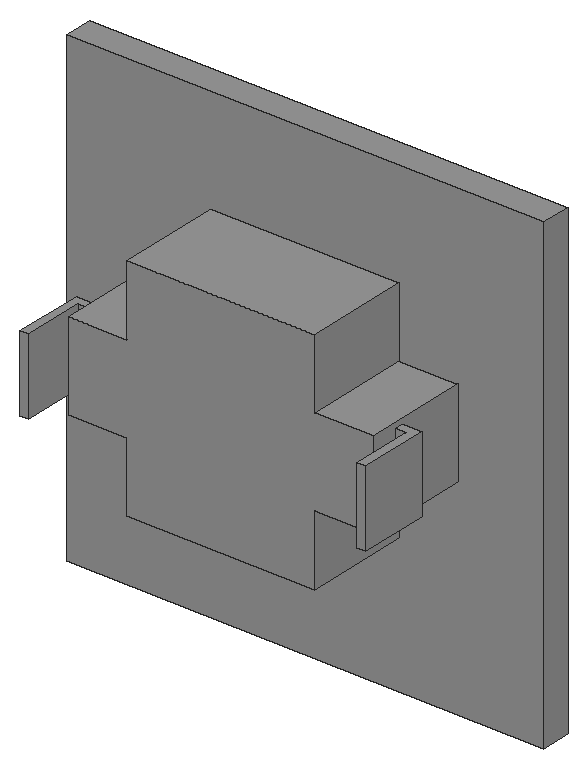
Revit family "IEK_Выключатель_Встраиваемый_С Инд 10А одноклавишный IP20_КВАРТА", category Выключатели, Revit 2019
Family settings
  Сохранять ориентацию аннотаций = Да
  Размер круглого соединителя = Использовать диаметр
  Тип детали = Переключатель
  На основе рабочей плоскости = Нет
  Всегда вертикально = Да
  При загрузке вырезать с полостями = Нет
  Общий = Нет
  Точка расчета площади = Нет
Parameters (values of type "ВС10-1-1-ККм")
  Ширина = 81.5 mm  # constant formula
  Тип монтажа = "Скрытый монтаж (в штукатурку)"  # constant formula
  Степень защиты = "IP20"  # constant formula
  Изготовитель = "IEK"  # constant formula
  Дата изменения = ""
  Глубина = 46 mm  # constant formula
  Высота = 80.5 mm  # constant formula
  ΔХ [instance] = 2000 mm
  ΔY [instance] = 2000 mm
  KSI_CPr_Строительные изделия = "20.4.01"  # constant formula
  KSI_CMa_Строительные материалы = "01.7.14.03"  # constant formula
  IEK_Цена за единицу = 158.71
  IEK_Поиск в таблице имен = ""
  IEK_Описание = "Классический дизайн, проверенный временем и востребованный различными категориями потребителей, позволяет устанавливать изделия серии \"КВАРТА\" в квартирах, загородных домах, офисных и производственных помещениях."
  IEK_URL = "https://www.iek.ru/products/catalog/izdeliya_elektroustanovochnye_udliniteli_i_silovye_razemy/elektroustanovochnye_izdeliya/elektroustanovochnye_izdeliya_skrytogo_montazha/elektroustanovochnye_izdeliya_kvarta/elektroustanovochnye_izdeliya_kvarta_tsvet_kremovyy/vyklyuchatel_1_klavishnyy_s_indikatsiey_vs10_1_1_kkm_10a_kvarta_kremovyy_iek"
  ADSK_Ток [instance] = 10 A  # constant formula
  ADSK_Примечание = ""
  ADSK_Полная мощность [instance] = ADSK_Номинальная мощность / ADSK_Коэффициент мощности  # 2200 VA
  ADSK_Позиция [instance] = ""
  ADSK_Номинальная мощность [instance] = ADSK_Ток * ADSK_Напряжение * sqrt(ADSK_Количество фаз числовое) * ADSK_Коэффициент мощности  # 2200 W
  ADSK_Напряжение = 220 V
  ADSK_Наименование = "Выключатель 1-клавишный с индикацией ВС10-1-1-ККм 10А КВАРТА кремовый IEK"
  ADSK_Материал обозначение = ""
  ADSK_Материал наименование = "Пластик"  # constant formula
  ADSK_Материал = Цвет кремовый
  ADSK_Масса = 0.091  # constant formula
  ADSK_Марка = "КВАРТА"  # constant formula
  ADSK_Коэффициент мощности [instance] = 1  # constant formula
  ADSK_Количество фаз числовое = 1
  ADSK_Количество фаз = 1
  ADSK_Код изделия = "EVK11-K33-10-DM"
  ADSK_Классификация нагрузок [instance] = Прочее
  ADSK_Завод-изготовитель = "IEK"  # constant formula
  ADSK_Единица измерения = "шт"  # constant formula
  ADSK_Группирование = "III ЭЛЕКТРОУСТАНОВОЧНЫЕ И ЭЛЕКТРОМОНТАЖНЫЕ ИЗДЕЛИЯ"  # constant formula
  ADSK_Версия семейства = "1.0"  # constant formula
  ADSK_Версия Revit = "2019"  # constant formula
  ADSK_URL страницы изделия = "https://www.iek.ru/products/catalog/izdeliya_elektroustanovochnye_udliniteli_i_silovye_razemy/elektroustanovochnye_izdeliya/elektroustanovochnye_izdeliya_skrytogo_montazha/elektroustanovochnye_izdeliya_kvarta/?pagec=100"
Types (3, lengths in mm): name | IEK_Цена за единицу | IEK_URL | ADSK_Наименование | ADSK_Материал | ADSK_Код изделия
  (no name) | 158.71 | "https://www.iek.ru/products/catalog/izdeliya_elektroustanovochnye_udliniteli_i_silovye_razemy/elektroustanovochnye_izdeliya/elektroustanovochnye_izdeliya_skrytogo_montazha/elektroustanovochnye_izdeliya_kvarta/elektroustanovochnye_izdeliya_kvarta_tsvet_kremovyy/vyklyuchatel_1_klavishnyy_s_indikatsiey_vs10_1_1_kkm_10a_kvarta_kremovyy_iek" | "Выключатель 1-клавишный с индикацией ВС10-1-1-ККм 10А КВАРТА кремовый IEK" | Цвет кремовый | "EVK11-K33-10-DM"
  ВС10-1-1-КБ | 150.76 | "https://www.iek.ru/products/catalog/izdeliya_elektroustanovochnye_udliniteli_i_silovye_razemy/elektroustanovochnye_izdeliya/elektroustanovochnye_izdeliya_skrytogo_montazha/elektroustanovochnye_izdeliya_kvarta/elektroustanovochnye_izdeliya_kvarta_tsvet_belyy/vyklyuchatel_1_klavishnyy_s_indikatsiey_vs10_1_1_kb_10a_kvarta_belyy_iek" | "Выключатель 1-клавишный с индикацией ВС10-1-1-КБ 10А КВАРТА белый IEK" | Цвет белый | "EVK11-K01-10-DM"
  ВС10-1-1-ККм | 158.71 | "https://www.iek.ru/products/catalog/izdeliya_elektroustanovochnye_udliniteli_i_silovye_razemy/elektroustanovochnye_izdeliya/elektroustanovochnye_izdeliya_skrytogo_montazha/elektroustanovochnye_izdeliya_kvarta/elektroustanovochnye_izdeliya_kvarta_tsvet_kremovyy/vyklyuchatel_1_klavishnyy_s_indikatsiey_vs10_1_1_kkm_10a_kvarta_kremovyy_iek" | "Выключатель 1-клавишный с индикацией ВС10-1-1-ККм 10А КВАРТА кремовый IEK" | Цвет кремовый | "EVK11-K33-10-DM"
Reference planes
  plane 1 "По центру (Вперед/Назад)": y = 0
  plane 2: z = 0
  plane 3 "По центру (Влево/Вправо)": x = 0
  plane 4 "Высота ножек": z = 280
  plane 5 "Высота": z = 2081.496
  plane 6: x = -2000
  plane 7: y = 2000
Forms (mm)
  Extrusion 1, solid, material "Цвет кремовый" <- "ADSK_Материал", detail levels fine
    sketch origin (0, -492.152, 42.527) x (1, 0, 0) y (0, 1, 0)
      loop
        line (26, 480.152) -> (26, 478.652) -> (27.993, 478.652) -> (27.993, 468.152) -> (29.498, 468.152) -> (29.498, 480.152) -> (26, 480.152)
      loop
        line (-26, 480.152) -> (-29.498, 480.152) -> (-29.498, 468.152) -> (-27.993, 468.152) -> (-27.993, 478.652) -> (-26, 478.652) -> (-26, 480.152)
    from -5.817 to 7.183
  Extrusion 2, solid, detail levels coarse
    sketch origin (0, 0, 0) x (1, 0, 0) y (0, 1, 0)
      loop
        line (-40.75, -24) -> (40.75, -24) -> (40.75, 20) -> (-40.75, 20) -> (-40.75, -24)
    from 0 to 80.5
  Extrusion 3, solid, detail levels medium
    sketch origin (0, 0, 0) x (1, 0, 0) y (0, 1, 0)
      loop
        line (-40.75, 20) -> (-40.75, -24) -> (40.75, -24) -> (40.75, 20) -> (-40.75, 20)
    from 0 to 80.5
  Extrusion 4, solid, material "Цвет кремовый" <- "ADSK_Материал", detail levels fine
    sketch origin (0, 0, 40.25) x (1, 0, 0) y (0, 0, -1)
      loop
        line (-40.75, -40.25) -> (40.75, -40.25) -> (40.75, 40.25) -> (-40.75, 40.25) -> (-40.75, -40.25)
    from 0 to 14.038
  Extrusion 5, void
    sketch origin (-0.5, 0, 41.036) x (-1, 0, 0) y (0, -1, 0)
      loop
        spline (40.25, -5) -> (38.349, -6.53) -> (36.302, -7.861) -> (34.142, -9.01) -> (31.901, -9.995) -> (29.61, -10.832) -> (27.303, -11.54) -> (25.011, -12.136) -> (22.767, -12.637) -> (20.603, -13.06) -> (18.551, -13.423) -> (16.643, -13.743) -> (14.912, -14.038)
        line (14.912, -14.038) -> (11.84, -14.038) -> (11.84, -18.875) -> (40.25, -18.875) -> (40.25, -5)
    from -55.184 to 53.611
  Extrusion 6, void
    sketch origin (0.5, 0, 41.036) x (1, 0, 0) y (0, 1, 0)
      loop
        line (40.25, 5) -> (40.25, 18.875) -> (11.84, 18.875) -> (11.84, 14.038) -> (14.912, 14.038)
        spline (14.912, 14.038) -> (16.643, 13.743) -> (18.551, 13.423) -> (20.603, 13.06) -> (22.767, 12.637) -> (25.011, 12.136) -> (27.303, 11.54) -> (29.61, 10.832) -> (31.901, 9.995) -> (34.142, 9.01) -> (36.302, 7.861) -> (38.349, 6.53) -> (40.25, 5)
    from -55.184 to 53.611
  Extrusion 7, void
    sketch origin (0.786, 0, 40.25) x (0, 0, 1) y (0, -1, 0)
      loop
        spline (40.25, -5) -> (38.356, -6.403) -> (36.324, -7.586) -> (34.182, -8.58) -> (31.961, -9.416) -> (29.69, -10.124) -> (27.399, -10.734) -> (25.119, -11.276) -> (22.878, -11.781) -> (20.708, -12.28) -> (18.636, -12.802) -> (16.694, -13.378) -> (14.912, -14.038)
        line (14.912, -14.038) -> (11.84, -14.038) -> (11.84, -18.875) -> (40.25, -18.875) -> (40.25, -5)
      loop
        line (-40.25, -5) -> (-40.25, -18.875) -> (-11.84, -18.875) -> (-11.84, -14.038) -> (-14.912, -14.038)
        spline (-14.912, -14.038) -> (-16.694, -13.378) -> (-18.636, -12.802) -> (-20.708, -12.28) -> (-22.878, -11.781) -> (-25.119, -11.276) -> (-27.399, -10.734) -> (-29.69, -10.124) -> (-31.961, -9.416) -> (-34.182, -8.58) -> (-36.324, -7.586) -> (-38.356, -6.403) -> (-40.25, -5)
    from -55.184 to 53.611
  Extrusion 8, void
    sketch origin (0, 0, 40.25) x (1, 0, 0) y (0, 0, -1)
      loop
        line (-29, -25) -> (29, -25) -> (29, 25) -> (-29, 25) -> (-29, -25)
    from 1 to 14.038
  Extrusion 9, void
    sketch origin (0.786, 0, 40.25) x (0, 0, -1) y (0, 1, 0)
      loop
        line (40.25, 5) -> (40.25, 18.875) -> (11.84, 18.875) -> (11.84, 14.038) -> (14.912, 14.038)
        spline (14.912, 14.038) -> (16.694, 13.378) -> (18.636, 12.802) -> (20.708, 12.28) -> (22.878, 11.781) -> (25.119, 11.276) -> (27.399, 10.734) -> (29.69, 10.124) -> (31.961, 9.416) -> (34.182, 8.58) -> (36.324, 7.586) -> (38.356, 6.403) -> (40.25, 5)
    from -55.184 to 53.611
  Extrusion 10, solid, material "Цвет кремовый" <- "ADSK_Материал", detail levels fine
    sketch origin (0, 0, 39.887) x (0, 0, 1) y (0, -1, 0)
      loop
        line (-24.209, -5) -> (-24.209, -11.055)
        arc (-24.209, -11.055) -> (-22.524, -15.523) -> (-19.835, -19.47) r 20.163
        arc (-19.835, -19.47) -> (3.045, -18.975) -> (24.863, -12.066) r 80.547
        line (24.863, -12.066) -> (24.863, -5) -> (-24.209, -5)
    from -28.5 to 28.5
  Extrusion 11, solid, material "Цвет кремовый" <- "ADSK_Материал", detail levels fine
    sketch origin (0, 0, 40.25) x (1, 0, 0) y (0, 0, -1)
      loop
        line (16, -22.25) -> (16, -10.25) -> (26, -10.25) -> (26, 4.75) -> (16, 4.75) -> (16, 16.75) -> (-16, 16.75) -> (-16, 4.75) -> (-26, 4.75) -> (-26, -10.25) -> (-16, -10.25) -> (-16, -22.25) -> (16, -22.25)
    from -18 to 0
  Extrusion 12, solid, material "Стекло", detail levels fine
    sketch origin (0, 0, 40.25) x (0, 0, 1) y (0, -1, 0)
      loop
        arc (-13.98, -18.42) -> (-15.013, -18.368) -> (-16.046, -18.303) r 80.547
        line (-16.046, -18.303) -> (-16.046, -20.15)
        arc (-16.046, -20.15) -> (-15.013, -20.215) -> (-13.98, -20.267) r 80.547
        line (-13.98, -20.267) -> (-13.98, -18.42)
    from -5 to 5
Cuts and joins
  Extrusion 5, Extrusion 6, Extrusion 7, Extrusion 8 cuts Extrusion 4
  Extrusion 9 cuts Extrusion 12
Lines and regions (mm)
  reference lines
    curve 1: line (0, 44.647, 0) -> (0, -55.353, 0)
    curve 2: line (-23.829, 0, 0) -> (76.171, 0, 0)
Dimensions and locks
  locked: plane 4 "Высота ножек" to plane 2 at 280
  plane 5 "Высота" to plane 4 "Высота ножек" = 1801.496 mm
  "ΔХ": plane 6 to curve 1
  "ΔY": plane 7 to curve 2
  aligned and locked: level to plane 2
  aligned and locked: curve 2 to nested 1
  aligned and locked: nested 1 to curve 1
Automatic sketch dimensions
  plane 1 "По центру (Вперед/Назад)" to Extrusion 1 sketch curve = 12 mm  (x2)
  Extrusion 1 sketch curve to plane 3 "По центру (Влево/Вправо)" = 29.498 mm
  Extrusion 1 sketch curve to Extrusion 1 sketch curve = 1.504 mm  (x2)
  Extrusion 1 sketch curve to Extrusion 1 sketch curve = 1.993 mm  (x2)
  plane 3 "По центру (Влево/Вправо)" to Extrusion 1 sketch curve = 26 mm
  Extrusion 1 sketch curve to Extrusion 1 sketch curve = 1.5 mm  (x2)
  Extrusion 1 sketch curve to Extrusion 1 sketch curve = 10.5 mm  (x2)
  Extrusion 2 sketch curve to plane 1 "По центру (Вперед/Назад)" = 20 mm
  Extrusion 2 sketch curve to plane 3 "По центру (Влево/Вправо)" = 40.75 mm
  plane 3 "По центру (Влево/Вправо)" to Extrusion 2 sketch curve = 40.75 mm
  plane 1 "По центру (Вперед/Назад)" to Extrusion 2 sketch curve = 24 mm
  Extrusion 3 sketch curve to plane 3 "По центру (Влево/Вправо)" = 40.75 mm
  plane 3 "По центру (Влево/Вправо)" to Extrusion 3 sketch curve = 40.75 mm
  plane 1 "По центру (Вперед/Назад)" to Extrusion 3 sketch curve = 24 mm
  Extrusion 3 sketch curve to plane 1 "По центру (Вперед/Назад)" = 20 mm
  Extrusion 4 sketch curve to level = 0 mm
  Extrusion 4 sketch curve to plane 3 "По центру (Влево/Вправо)" = 40.75 mm
  Extrusion 4 sketch curve to Extrusion 4 sketch curve = 81.5 mm
  level to Extrusion 4 sketch curve = 80.5 mm
  Extrusion 5 sketch curve to plane 3 "По центру (Влево/Вправо)" = 12.34 mm
  Extrusion 5 sketch curve to Extrusion 5 sketch curve = 3.071 mm
  Extrusion 5 sketch curve to Extrusion 5 sketch curve = 25.338 mm
  Extrusion 5 sketch curve to plane 1 "По центру (Вперед/Назад)" = 18.875 mm
  Extrusion 5 sketch curve to Extrusion 5 sketch curve = 4.837 mm
  Extrusion 5 sketch curve to Extrusion 5 sketch curve = 13.875 mm
  plane 3 "По центру (Влево/Вправо)" to Extrusion 6 sketch curve = 12.34 mm
  Extrusion 6 sketch curve to Extrusion 6 sketch curve = 3.071 mm
  Extrusion 6 sketch curve to Extrusion 6 sketch curve = 25.338 mm
  Extrusion 6 sketch curve to plane 1 "По центру (Вперед/Назад)" = 5 mm
  Extrusion 6 sketch curve to Extrusion 6 sketch curve = 9.038 mm
  Extrusion 6 sketch curve to Extrusion 6 sketch curve = 4.837 mm
  level to Extrusion 8 sketch curve = 15.25 mm
  Extrusion 8 sketch curve to plane 3 "По центру (Влево/Вправо)" = 29 mm
  Extrusion 8 sketch curve to Extrusion 8 sketch curve = 58 mm
  level to Extrusion 8 sketch curve = 65.25 mm
  level to Extrusion 9 sketch curve = 28.41 mm
  Extrusion 9 sketch curve to Extrusion 9 sketch curve = 3.071 mm
  Extrusion 9 sketch curve to Extrusion 9 sketch curve = 25.338 mm
  Extrusion 9 sketch curve to plane 1 "По центру (Вперед/Назад)" = 5 mm
  Extrusion 9 sketch curve to Extrusion 9 sketch curve = 9.038 mm
  Extrusion 9 sketch curve to Extrusion 9 sketch curve = 4.837 mm
  level to Extrusion 10 sketch curve = 15.678 mm
  level to Extrusion 10 sketch curve = 29.77 mm
  level to Extrusion 10 sketch curve = 35.254 mm
  level to Extrusion 10 sketch curve = 64.75 mm
  Extrusion 10 sketch curve to plane 1 "По центру (Вперед/Назад)" = 12.066 mm
  Extrusion 10 sketch curve to Extrusion 10 sketch curve = 1.011 mm
  Extrusion 10 sketch curve to Extrusion 10 sketch curve = 4.83 mm
  Extrusion 10 sketch curve to Extrusion 10 sketch curve = 7.066 mm
  Extrusion 10 sketch curve to Extrusion 10 sketch curve = 66.713 mm
  level to Extrusion 11 sketch curve = 50.5 mm  (x2)
  Extrusion 11 sketch curve to plane 3 "По центру (Влево/Вправо)" = 26 mm
  Extrusion 11 sketch curve to Extrusion 11 sketch curve = 10 mm  (x3)
  Extrusion 11 sketch curve to Extrusion 11 sketch curve = 32 mm
  level to Extrusion 11 sketch curve = 35.5 mm  (x2)
  Extrusion 11 sketch curve to Extrusion 11 sketch curve = 0 mm
  Extrusion 11 sketch curve to Extrusion 11 sketch curve = 12 mm  (x2)
  level to Extrusion 12 sketch curve = 24.204 mm
  Extrusion 12 sketch curve to Extrusion 12 sketch curve = 2.066 mm
  level to Extrusion 12 sketch curve = 29.77 mm
  Extrusion 12 sketch curve to Extrusion 12 sketch curve = 0 mm
  Extrusion 12 sketch curve to plane 1 "По центру (Вперед/Назад)" = 20.267 mm
  Extrusion 12 sketch curve to Extrusion 12 sketch curve = 0.116 mm
  Extrusion 12 sketch curve to Extrusion 12 sketch curve = 1.847 mm  (x2)
  Extrusion 7 sketch curve to level = 0 mm
  level to Extrusion 7 sketch curve = 25.338 mm
  Extrusion 7 sketch curve to Extrusion 7 sketch curve = 3.071 mm  (x2)
  level to Extrusion 7 sketch curve = 52.09 mm
  Extrusion 7 sketch curve to Extrusion 7 sketch curve = 25.338 mm
  Extrusion 7 sketch curve to plane 1 "По центру (Вперед/Назад)" = 18.875 mm
  Extrusion 7 sketch curve to Extrusion 7 sketch curve = 0 mm
  Extrusion 7 sketch curve to Extrusion 7 sketch curve = 4.837 mm  (x2)
  Extrusion 7 sketch curve to Extrusion 7 sketch curve = 13.875 mm  (x2)
  curve 2 to plane 3 "По центру (Влево/Вправо)" = 23.829 mm
  plane 3 "По центру (Влево/Вправо)" to curve 2 = 76.171 mm
  plane 1 "По центру (Вперед/Назад)" to curve 1 = 55.353 mm
  curve 1 to plane 1 "По центру (Вперед/Назад)" = 44.647 mm
Nested families
  nested 1: "УГО Выключателя" at (0, 0, 0), type "1K-C", detail levels coarse+medium
    with IP44 no
Connectors
  electrical at (0, -24, 40.25), driven by "ADSK_Количество фаз", driven by "ADSK_Классификация нагрузок", driven by "ADSK_Напряжение", driven by "ADSK_Полная мощность", driven by "ADSK_Коэффициент мощности"
    settings: on Extrusion 2, index 1, voltage 220 V, apparent load 0 VA, apparent load phase1 2200 VA, apparent load phase2 0 VA, apparent load phase3 0 VA, power factor 1, load classification "Прочее", number of poles 1, system type 31, power factor state 1, is connector primary yes, connector utility no, sub classification motor no, connector description ""
Definition of nested family "УГО Выключателя"
  Parameters (values of type "3K-O")
    IP44 [instance] = no
    3K-C = no
    2K-C = no
    1K-C = no
    3K-O = yes
    2K-O = no
    1K-O = no
  Types (6, lengths in mm): name | 3K-C | 2K-C | 1K-C | 3K-O | 1K-O
    2K-O | no | no | no | yes | no
    3K-O | no | no | no | yes | no
    2K-C | no | yes | no | no | no
    1K-O | no | no | no | no | yes
    1K-C | no | no | yes | no | no
    3K-C | yes | no | no | no | no
  Reference planes
    plane 1: y = 0
    plane 2: x = 0
  Lines and regions (mm)
    Filled region 1, type "Цветовая область 1", visible <- "IP44"
      outline origin (0, 0, 0) x (1, 0, 0) y (0, 1, 0)
        loop
          circle (0.006, 0.994) r 0.994
    Filled region 2, type "Цветовая область 1", visible <- "IP44", not visible
      outline origin (0, 0, 0) x (1, 0, 0) y (0, 1, 0)
        loop
          circle (0, 2.214) r 0.994
    Filled region 3, type "Цветовая область 1", visible <- "IP44"
      outline origin (-1.562, 0, 0) x (1, 0, 0) y (0, 1, 0)
        loop
          circle (1.569, 0.994) r 0.994
    Filled region 4, type "Цветовая область 1", visible <- "1K-O"
      outline origin (0, 6.25, 0) x (1, 0, 0) y (0, 1, 0)
        loop
          circle (0.006, -5.256) r 0.994
    Filled region 5, type "Цветовая область 1", visible <- "IP44"
      outline origin (-1.562, 0, 0) x (1, 0, 0) y (0, 1, 0)
        loop
          circle (1.569, 0.994) r 0.994
    Filled region 6, type "Цветовая область 1", visible <- "IP44"
      outline origin (0, 0, 0) x (1, 0, 0) y (0, 1, 0)
        loop
          circle (0.006, 0.994) r 0.994
    Filled region 7, type "Цветовая область 1", visible <- "IP44", not visible
      outline origin (-1.562, 0, 0) x (1, 0, 0) y (0, 1, 0)
        loop
          circle (11.009, 9.276) r 0.994
    Filled region 8, type "Цветовая область 1", visible <- "1K-O", not visible
      outline origin (0, 6.25, 0) x (1, 0, 0) y (0, 1, 0)
        loop
          circle (15.194, 9.276) r 0.994
    Filled region 9, type "Цветовая область 1", visible <- "IP44", not visible
      outline origin (-1.562, 0, 0) x (1, 0, 0) y (0, 1, 0)
        loop
          circle (23.521, 9.279) r 0.994
    Filled region 10, type "Цветовая область 1", visible <- "IP44", not visible
      outline origin (0, 0, 0) x (1, 0, 0) y (0, 1, 0)
        loop
          circle (28.604, 9.279) r 0.994
    Filled region 11, type "Цветовая область 1", visible <- "IP44", not visible
      outline origin (0, 0, 0) x (1, 0, 0) y (0, 1, 0)
        loop
          circle (32.789, 9.279) r 0.994
    Filled region 12, type "Цветовая область 1", visible <- "IP44"
      outline origin (0, 0, 0) x (1, 0, 0) y (0, 1, 0)
        loop
          circle (0.006, 0.994) r 0.994
    detail lines, visible <- "3K-O"
      curve 1: line (0.867, 1.49, 0) -> (3.037, 2.744, 0)
      curve 2: line (0.645, 1.755, 0) -> (2.256, 3.675, 0)
      curve 3: line (0.33, 1.933, 0) -> (1.146, 4.303, 0)
      curve 7: circle (0.006, 0.994, 0) r 0.994 normal (0, 0, 1)
      curve 16: line (3.037, 2.744, 0) -> (3.437, 2.051, 0)
      curve 17: line (2.256, 3.675, 0) -> (2.869, 3.161, 0)
      curve 18: line (1.146, 4.303, 0) -> (1.902, 4.042, 0)
    detail lines, visible <- "2K-O"
      curve 4: line (0.756, 1.645, 0) -> (2.648, 3.29, 0)
      curve 5: line (0.488, 1.863, 0) -> (1.703, 4.055, 0)
      curve 8: circle (0.006, 0.994, 0) r 0.994 normal (0, 0, 1)
      curve 19: line (2.648, 3.29, 0) -> (3.173, 2.686, 0)
      curve 20: line (1.703, 4.055, 0) -> (2.403, 3.667, 0)
    detail lines, visible <- "1K-O"
      curve 6: line (0.576, 1.808, 0) -> (2.014, 3.861, 0)
      curve 9: circle (0.006, 0.994, 0) r 0.994 normal (0, 0, 1)
      curve 21: line (2.014, 3.861, 0) -> (2.669, 3.402, 0)
    detail lines, visible <- "3K-C"
      curve 10: line (0.867, 1.49, 0) -> (3.037, 2.744, 0)
      curve 11: line (0.645, 1.755, 0) -> (2.256, 3.675, 0)
      curve 12: line (0.33, 1.933, 0) -> (1.146, 4.303, 0)
      curve 14: circle (0.006, 0.994, 0) r 0.994 normal (0, 0, 1)
      curve 23: line (2.812, 3.133, 0) -> (3.262, 2.354, 0)
      curve 24: line (1.911, 3.964, 0) -> (2.601, 3.386, 0)
      curve 25: line (0.72, 4.449, 0) -> (1.571, 4.156, 0)
    detail lines, visible <- "1K-C"
      curve 13: line (0.576, 1.808, 0) -> (2.014, 3.861, 0)
      curve 15: circle (0.006, 0.994, 0) r 0.994 normal (0, 0, 1)
      curve 22: line (1.645, 4.119, 0) -> (2.383, 3.603, 0)
    detail lines, visible <- "3K-O", not visible
      curve 26: line (0.86, 2.711, 0) -> (3.031, 3.964, 0)
      curve 27: line (0.639, 2.975, 0) -> (2.25, 4.895, 0)
      curve 28: line (0.323, 3.154, 0) -> (1.139, 5.524, 0)
      curve 29: circle (0, 2.214, 0) r 0.994 normal (0, 0, 1)
      curve 30: line (3.031, 3.964, 0) -> (3.431, 3.272, 0)
      curve 31: line (2.25, 4.895, 0) -> (2.863, 4.381, 0)
      curve 32: line (1.139, 5.524, 0) -> (1.896, 5.263, 0)
    detail lines, visible <- "2K-O", not visible
      curve 33: line (10.196, 9.928, 0) -> (12.088, 11.572, 0)
      curve 34: line (9.928, 10.145, 0) -> (11.143, 12.337, 0)
      curve 35: circle (9.446, 9.276, 0) r 0.994 normal (0, 0, 1)
      curve 36: line (12.088, 11.572, 0) -> (12.613, 10.968, 0)
      curve 37: line (11.143, 12.337, 0) -> (11.843, 11.949, 0)
    detail lines, visible <- "1K-O", not visible
      curve 38: line (15.764, 16.34, 0) -> (17.201, 18.393, 0)
      curve 39: circle (15.194, 15.526, 0) r 0.994 normal (0, 0, 1)
      curve 40: line (17.201, 18.393, 0) -> (17.857, 17.934, 0)
    detail lines, visible <- "3K-C", not visible
      curve 41: line (22.819, 9.775, 0) -> (24.99, 11.029, 0)
      curve 42: line (22.597, 10.04, 0) -> (24.208, 11.96, 0)
      curve 43: line (22.282, 10.218, 0) -> (23.098, 12.588, 0)
      curve 44: circle (21.958, 9.279, 0) r 0.994 normal (0, 0, 1)
      curve 45: line (24.765, 11.418, 0) -> (25.215, 10.639, 0)
      curve 46: line (23.863, 12.249, 0) -> (24.553, 11.67, 0)
      curve 47: line (22.672, 12.734, 0) -> (23.523, 12.441, 0)
    detail lines, visible <- "2K-C", not visible
      curve 48: line (29.354, 9.93, 0) -> (31.246, 11.575, 0)
      curve 49: line (29.086, 10.148, 0) -> (30.301, 12.34, 0)
      curve 50: circle (28.604, 9.279, 0) r 0.994 normal (0, 0, 1)
      curve 51: line (30.951, 11.914, 0) -> (31.541, 11.235, 0)
      curve 52: line (29.908, 12.558, 0) -> (30.695, 12.122, 0)
    detail lines, visible <- "1K-C", not visible
      curve 53: line (33.359, 10.092, 0) -> (34.797, 12.146, 0)
      curve 54: circle (32.789, 9.279, 0) r 0.994 normal (0, 0, 1)
      curve 55: line (34.428, 12.404, 0) -> (35.165, 11.887, 0)
    detail lines, visible <- "2K-C"
      curve 56: line (0.756, 1.645, 0) -> (2.648, 3.29, 0)
      curve 57: line (0.488, 1.863, 0) -> (1.703, 4.055, 0)
      curve 58: circle (0.006, 0.994, 0) r 0.994 normal (0, 0, 1)
      curve 59: line (2.353, 3.629, 0) -> (2.943, 2.95, 0)
      curve 60: line (1.31, 4.273, 0) -> (2.097, 3.837, 0)
    detail lines
      curve 61: line (0.006, 0, 0) -> (0.006, 2.454, 0)
      curve 62: line (0.006, 0, 0) -> (2.217, 0, 0)
